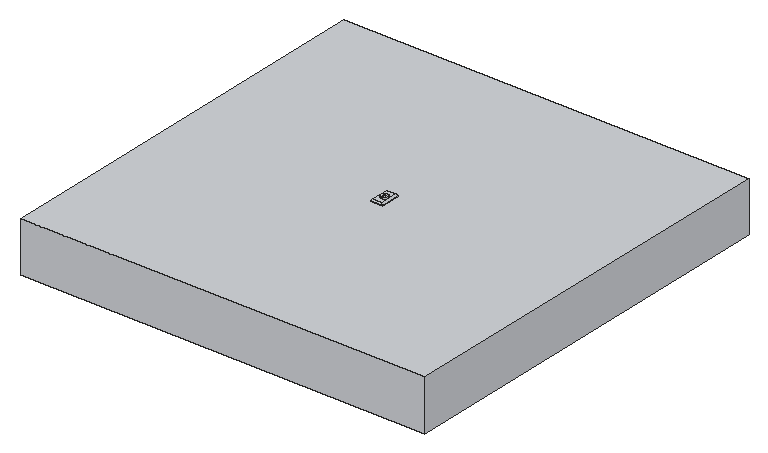
Revit family "M_Alarme de incêndio aberto - Montado na parede", category Dispositivos de alarme de incêndio, Revit 2019
Family settings
  Hospedeiro = Face
  Manter orientação da anotação = Sim
  Cota do conector redondo = Utilizar diâmetro
  Tipo de parte = Normal
  Número OmniClass = 23.85.30.21.11.17
  Título OmniClass = Other Components
  ID de item do Seek = Fire Alarm Hold Open - Wall Mounted-0000-CAN-ENU
  Corte com vazios quando carregada = Não
  Compartilhado = Não
  Ponto de cálculo do ambiente = Não
Parameters (values of type "Padrão")
  Material do prendedor de porta = none
  Elevação-padrão = 460 mm
Reference planes
  plane 1 "Centro (Frente/Trás)": y = 0
  plane 2: z = 0
  plane 3 "Centro (Esquerda/Direita)": x = 0
  plane 4: x = 34.925
  plane 5: x = -34.925
  plane 6: y = 52.387
  plane 7: y = -52.388
  plane 8: x = -28.575
  plane 9: x = 28.575
  plane 10: y = 58.42
  plane 11: y = -58.42
  plane 12: z = -38.1
  plane 13: z = 11.43
  plane 14: z = 14.605
Forms (mm)
  Extrusion 1, solid
    sketch origin (0, 0, 0) x (1, 0, 0) y (0, 1, 0)
      loop
        line (-1219.2, 1219.2) -> (-1219.2, -1219.2) -> (1219.2, -1219.2) -> (1219.2, 1219.2) -> (-1219.2, 1219.2)
    from 0 to -304.8
  Extrusion 2, solid, material <- "Material do prendedor de porta"
    sketch origin (0, 0, 0) x (1, 0, 0) y (0, 1, 0)
      loop
        circle (0, 0) r 20.32
    from 11.43 to 14.605
  Extrusion 3, void
    sketch origin (0, 0, 0) x (1, 0, 0) y (0, 1, 0)
      loop
        circle (0, 0) r 6.35
    from 11.43 to 14.605
  Extrusion 4, solid, material <- "Material do prendedor de porta"
    sketch origin (0, 0, 0) x (1, 0, 0) y (0, 1, 0)
      loop
        line (-34.925, 58.42) -> (-34.925, -58.42) -> (34.925, -58.42) -> (34.925, 58.42) -> (-34.925, 58.42)
    from -38.1 to 0
  Blend 5, solid, material <- "Material do prendedor de porta"
    base sketch origin (0, 0, 0) x (1, 0, 0) y (0, 1, 0)
      loop
        line (-34.925, 58.42) -> (-34.925, -58.42) -> (34.925, -58.42) -> (34.925, 58.42) -> (-34.925, 58.42)
    top sketch origin (0, 0, 0) x (1, 0, 0) y (0, 1, 0)
      loop
        line (-28.575, 52.387) -> (-28.575, -52.387) -> (28.575, -52.387) -> (28.575, 52.387) -> (-28.575, 52.387)
    from 0 to 11.43
Cuts and joins
  Extrusion 3 cuts Extrusion 2
Lines and regions (mm)
  symbolic lines, detail levels fine
    curve 1: line (-34.925, 0, 0) -> (-34.925, 0, -38.1)
    curve 2: line (-34.925, 0, -38.1) -> (34.925, 0, -38.1)
    curve 3: line (34.925, 0, -38.1) -> (34.925, 0, 0)
    curve 4: line (-28.575, 0, 11.43) -> (-34.925, 0, 0)
    curve 5: line (34.925, 0, 0) -> (28.575, 0, 11.43)
    curve 6: line (28.575, 0, 11.43) -> (-28.575, 0, 11.43)
    curve 7: line (20.32, 0, 14.605) -> (-20.32, 0, 14.605)
    curve 8: line (20.32, 0, 14.605) -> (20.32, 0, 11.43)
    curve 9: line (-20.32, 0, 14.605) -> (-20.32, 0, 11.43)
    curve 10: line (-34.925, 0, 0) -> (34.925, 0, 0)
Dimensions and locks
  equal spacing: plane 5, plane 3 "Centro (Esquerda/Direita)", plane 4
  locked: plane 5 to plane 4 at 69.85
  plane 5 to plane 8 = 6.35 mm
  plane 9 to plane 4 = 6.35 mm
  equal spacing: plane 11, plane 1 "Centro (Frente/Trás)", plane 10
  locked: plane 11 to plane 10 at 116.84
  locked: plane 6 to plane 10 at 6.032
  locked: plane 7 to plane 11 at 6.032
  locked: plane 13 to plane 12 at 49.53
  locked: plane 2 to plane 12 at 38.1
  locked: plane 14 to plane 13 at 3.175
  radius of Extrusion 2 sketch curve = 20.32 mm
  radius of Extrusion 3 sketch curve = 6.35 mm
  aligned and locked: plane 2 to Extrusion 1
  aligned and locked: level to Extrusion 1
  aligned and locked: plane 1 "Centro (Frente/Trás)" to Extrusion 2 sketch curve
  aligned and locked: plane 3 "Centro (Esquerda/Direita)" to Extrusion 2 sketch curve
  aligned and locked: plane 1 "Centro (Frente/Trás)" to Extrusion 3 sketch curve
  aligned and locked: plane 3 "Centro (Esquerda/Direita)" to Extrusion 3 sketch curve
  aligned and locked: plane 5 to Extrusion 4 sketch curve
  aligned and locked: plane 10 to Extrusion 4 sketch curve
  aligned and locked: plane 11 to Extrusion 4 sketch curve
  aligned and locked: Extrusion 4 sketch curve to plane 4
  aligned: Extrusion 4 to plane 2
  aligned and locked: plane 5 to Blend 5 sketch curve
  aligned and locked: plane 10 to Blend 5 sketch curve
  aligned and locked: Extrusion 4 to Blend 5 sketch curve
  aligned and locked: Blend 5 sketch curve to Extrusion 4
  aligned and locked: plane 8 to Blend 5 sketch curve
  aligned and locked: plane 6 to Blend 5 sketch curve
  aligned and locked: plane 7 to Blend 5 sketch curve
  aligned and locked: Blend 5 sketch curve to plane 9
  aligned and locked: Extrusion 4 to plane 12
  aligned and locked: plane 2 to Extrusion 4
  aligned and locked: Blend 5 to plane 2
  aligned and locked: plane 13 to Blend 5
  aligned and locked: Extrusion 2 to Blend 5
  aligned and locked: Extrusion 2 to plane 14
  aligned and locked: Extrusion 2 to Extrusion 3  (x2)
  aligned and locked: plane 1 "Centro (Frente/Trás)" to nested 1
  aligned and locked: plane 3 "Centro (Esquerda/Direita)" to nested 1
  aligned and locked: curve 1 to Extrusion 4
  aligned and locked: curve 2 to Extrusion 4
  aligned and locked: curve 3 to Extrusion 4
  aligned and locked: curve 4 to Blend 5
  aligned and locked: curve 5 to Blend 5
  aligned and locked: curve 6 to Blend 5
  aligned and locked: curve 7 to cut or joined group of Extrusion 2, Extrusion 3
  aligned and locked: curve 8 to cut or joined group of Extrusion 2, Extrusion 3
  aligned and locked: curve 9 to cut or joined group of Extrusion 2, Extrusion 3
  aligned and locked: curve 10 to Extrusion 4
Automatic sketch dimensions
  Extrusion 1 sketch curve to Extrusion 1 sketch curve = 2438.4 mm  (x2)
Nested families
  nested 1: "M_Alarme de incêndio aberto - Anotação montada na parede" at (0, 0, 0), type "Alarme de incêndio aberto - Anotação montada na parede", detail levels coarse+medium
Connectors
  electrical at (0, 58.42, -19.05)
    settings: on Extrusion 4, index 1, voltage 0 V, apparent load 0 VA, apparent load phase1 0 VA, apparent load phase2 0 VA, apparent load phase3 0 VA, power factor 1, load classification "Outros", number of poles 1, system type 11, power factor state 1, is connector primary yes, connector utility no, sub classification motor no, connector description ""
Definition of nested family "M_Alarme de incêndio aberto - Anotação montada na parede"
  Parameters
    Anotação de legenda = ""
  Reference planes
    plane 1: y = 0
    plane 2: x = 0
  Lines and regions (mm)
    Filled region 1, type "Região preenchida 1"
      outline origin (0, 3.175, 0) x (1, 0, 0) y (0, 1, 0)
        loop
          line (-1.588, 1.588) -> (1.588, -1.587) -> (1.588, 1.588) -> (-1.588, 1.588)
    reference lines
      curve 1: line (-1.587, 6.986, 0) -> (-1.588, -5.149, 0)
      curve 2: line (1.588, 8.55, 0) -> (1.587, -5.9, 0)
      curve 3: line (-11.124, 4.763, 0) -> (19.901, 4.763, 0)
      curve 8: line (-17.987, 1.588, 0) -> (20.113, 1.588, 0)
      curve 10: line (-0.794, 0.931, 0) -> (-0.794, -4.188, 0)
      curve 11: line (0.794, 0.931, 0) -> (0.794, -4.188, 0)
    detail lines
      curve 4: line (-1.587, 4.763, 0) -> (1.588, 4.763, 0)
      curve 5: line (-1.587, 1.588, 0) -> (-1.587, 4.763, 0)
      curve 6: line (1.588, 1.588, 0) -> (-1.587, 1.588, 0)
      curve 7: line (1.588, 4.763, 0) -> (1.588, 1.588, 0)
      curve 9: line (-1.587, 4.763, 0) -> (1.588, 1.588, 0)
      curve 12: line (0, 1.588, 0) -> (0, 0, 0)
      curve 13: line (-0.794, 0, 0) -> (0.794, 0, 0)
  Dimensions and locks
    locked: curve 1 to plane 2 at 1.588
    locked: plane 2 to curve 2 at 1.588
    locked: curve 8 to curve 3 at 3.175
    locked: plane 1 to curve 8 at 1.588
    locked: curve 10 to plane 2 at 0.794
    locked: plane 2 to curve 11 at 0.794
    aligned and locked: curve 3 to curve 4
    aligned and locked: curve 5 to curve 1
    aligned and locked: curve 2 to curve 7
    aligned and locked: curve 6 to curve 8
    aligned and locked: curve 3 to curve 9
    aligned and locked: curve 1 to curve 9
    aligned and locked: curve 8 to curve 9
    aligned and locked: curve 2 to curve 9
    aligned and locked: Filled region 1 sketch curve to curve 9
    aligned and locked: Filled region 1 sketch curve to curve 4
    aligned and locked: Filled region 1 sketch curve to curve 7
    aligned and locked: curve 8 to curve 12
    aligned and locked: plane 1 to curve 12
    aligned and locked: curve 12 to plane 2
    aligned and locked: curve 10 to curve 13
    aligned and locked: curve 11 to curve 13
    aligned and locked: plane 1 to curve 13
